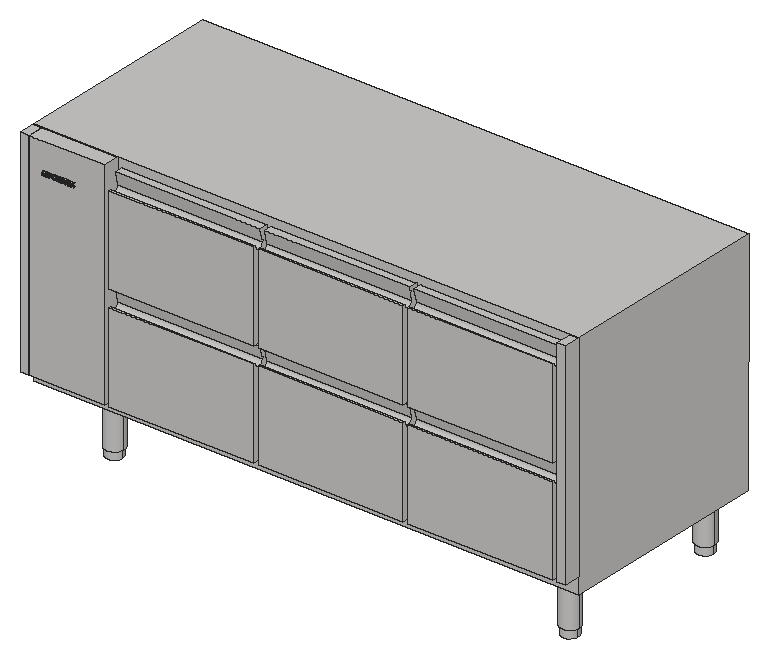
Revit family "QF_ALPENINOX_712837_AHR3RL", category Attrezzature speciali, Revit 2018
Family settings
  Quota connettore circolare = Usa diametro
  Tipo di parte = Normale
  Basato su piano di lavoro = No
  Sempre verticale = Sì
  Taglio con vuoti quando caricato = No
  Condiviso = No
  Punto di calcolo locali = No
Parameters (values of type "Standard")
  Weight = 111.00 kg
  Watts = 30 W
  Volts = 220 V
  URL Manufacturer = "http://www.alpeninox.com"
  URL = "http://www.alpeninox.com"
  Steam Supply Size = 0 mm
  Steam Supply Minimum Pressure = 0.0 Pa
  Steam Supply Maximum Pressure = 0.0 Pa
  Steam Consumption per Hour = 0
  Refrigeration Suction Line Size = 9.5 mm
  Refrigeration Liquid Line Size = 8 mm
  Refrigerant Compressor Remote = yes
  Produttore = "Alpeninox"
  Phase = 1
  Modello = "AHR3RL"
  Length Actual = 1657 mm  # constant formula
  Item Number = "712837"
  Hot Water Size = 0 mm
  Height Actual = 850 mm  # constant formula
  HP = "0 HP"
  Gas Size = 0 mm
  Gas KW = 0
  Gas Input Pressure = 0 W
  Direct Waste Size = 0 mm
  Descrizione = "REFR.COUNTER 440L 6x1/2DRW NOTOP REM CU_LFT GALV"
  Depth Actual = 700 mm  # constant formula
  Cycle = 50 Hz
  Condensate Return Size = 0 mm
  Compressed Air Volume = 0.0 L/s
  Compressed Air Size = 0 mm
  Compressed Air Pressure = 0.0 Pa
  Cold Water Size = 0 mm
  Accessory = yes
Types (2, lengths in mm): name | URL | Refrigeration Suction Line Size | Refrigeration Liquid Line Size | Produttore | Phase | Modello | Descrizione
  (no name) | 0 | 0 | 0 | 0 | 0 | 0 | 0
  Standard | "http://www.alpeninox.com" | 9.5 | 8 | "Alpeninox" | 1 | "AHR3RL" | "REFR.COUNTER 440L 6x1/2DRW NOTOP REM CU_LFT GALV"
Values of the unnamed type that differ from the named types
  Weight = 0.00 kg
  Watts = 0 W
  Volts = 0 V
  URL Manufacturer = ""
  Item Number = ""
  HP = ""
  Cycle = 0 Hz
Reference planes
  plane 1: z = 0
  plane 2 "Center (Left/Right)": x = -124.5
  plane 3 "Center (Front/Back)": y = 64.5
  plane 4 "FEET": z = 150
  plane 5 "TOP": z = 900
  plane 6 "PLAIN": z = 850
  plane 7 "EI_back": y = -116
  plane 8 "EI_left": x = -825
  plane 9 "BACK": y = 412
  plane 10 "FRONT": y = -283
  plane 11 "DOOR": y = -233
  plane 12 "LEFT": x = -953
  plane 13 "RIGHT": x = 704
  plane 14: x = -928
  plane 15: x = 679
  plane 16 "RO_left": x = -872
  plane 17 "RI_left": x = -847
  plane 18 "RO_back": y = 39
  plane 19 "RI_back": y = 39
  plane 20 "DRAINleft": x = -887
  plane 21 "DRAINback": y = 164
Forms (mm)
  Extrusion 1, solid, material "QF_Finishes_Stainless Steel"
    sketch origin (-1022.223, -1524, 150) x (-1, 0, 0) y (0, -1, 0)
      loop
        circle (-197.223, -1408) r 5
    from 0 to -40
  Extrusion 2, solid, material "QF_Finishes_Stainless Steel"
    sketch origin (-1022.223, -1524, 150) x (-1, 0, 0) y (0, -1, 0)
      loop
        line (-1701.223, -1291) -> (-1701.223, -1241) -> (-1726.223, -1241) -> (-1726.223, -1291) -> (-1701.223, -1291)
    from 48 to 700
  Extrusion 3, solid, material "QF_Finishes_Stainless Steel"
    sketch origin (-1022.223, -1524, 150) x (-1, 0, 0) y (0, -1, 0)
      loop
        circle (-150.223, -1563) r 4.25
    from 0 to -20
  Extrusion 4, solid, material "QF_Finishes_Stainless Steel"
    sketch origin (-1022.223, -1524, 150) x (-1, 0, 0) y (0, -1, 0)
      loop
        circle (-175.223, -1563) r 4
    from 0 to -20
  Extrusion 5, solid, material "QF_Finishes_Stainless Steel"
    sketch origin (-1022.223, -1524, 150) x (-1, 0, 0) y (0, -1, 0)
      loop
        circle (-135.223, -1688) r 8.5
    from 0 to -40
  Extrusion 6, solid, material "QF_Finishes_Stainless Steel"
    sketch origin (-1022.223, -1524, 150) x (-1, 0, 0) y (0, -1, 0)
      loop
        line (-69.223, -1936) -> (-69.223, -1291) -> (-1726.223, -1291) -> (-1726.223, -1936) -> (-69.223, -1936)
    from 0 to 700
  Extrusion 7, solid, material "QF_Finishes_Stainless Steel"
    sketch origin (773.223, -1524, 150) x (1, 0, 0) y (0, 1, 0)
      loop
        line (-1701.223, 1291) -> (-1726.223, 1291) -> (-1726.223, 1241) -> (-1701.223, 1241) -> (-1701.223, 1291)
    from 48 to 700
Lines and regions (mm)
  symbolic lines, style "SpecialityEquipmentHiddenLines"
    curve 1: line (-953, 412, 150) -> (704, 412, 150)
    curve 2: line (-953, -283, 150) -> (-953, 412, 150)
    curve 3: line (704, -283, 150) -> (-953, -283, 150)
    curve 4: line (704, 412, 150) -> (704, -283, 150)
    curve 5: line (-953, -233, 150) -> (704, -233, 150)
    curve 6: line (679, -233, 150) -> (679, -283, 150)
    curve 7: line (-928, -233, 150) -> (-928, -283, 150)
Dimensions and locks
  plane 4 "FEET" to level = 150 mm
  plane 11 "DOOR" to plane 10 "FRONT" = 50 mm
  plane 6 "PLAIN" to plane 4 "FEET" = 700 mm
  plane 5 "TOP" to plane 6 "PLAIN" = 50 mm
  plane 12 "LEFT" to plane 14 = 25 mm
  plane 15 to plane 13 "RIGHT" = 25 mm
  plane 9 "BACK" to plane 18 "RO_back" = 373 mm
  plane 9 "BACK" to plane 7 "EI_back" = 528 mm
  plane 9 "BACK" to plane 19 "RI_back" = 373 mm
  plane 9 "BACK" to plane 21 "DRAINback" = 248 mm
  plane 12 "LEFT" to plane 20 "DRAINleft" = 66 mm
  plane 12 "LEFT" to plane 8 "EI_left" = 128 mm
  plane 12 "LEFT" to plane 17 "RI_left" = 106 mm
  plane 12 "LEFT" to plane 16 "RO_left" = 81 mm
  plane 9 "BACK" to plane 10 "FRONT" = 695 mm
  equal spacing: plane 9 "BACK", plane 3 "Center (Front/Back)", plane 10 "FRONT"
  plane 12 "LEFT" to plane 13 "RIGHT" = 1657 mm
  equal spacing: plane 12 "LEFT", plane 2 "Center (Left/Right)", plane 13 "RIGHT"
  aligned and locked: level to plane 1
Automatic sketch dimensions
  Extrusion 1 sketch curve to plane 7 "EI_back" = 0 mm
  Extrusion 1 sketch curve to plane 8 "EI_left" = 0 mm
  Extrusion 2 sketch curve to plane 11 "DOOR" = 0 mm
  Extrusion 2 sketch curve to plane 13 "RIGHT" = 0 mm
  Extrusion 2 sketch curve to plane 10 "FRONT" = 0 mm
  Extrusion 2 sketch curve to plane 15 = 0 mm
  Extrusion 3 sketch curve to plane 16 "RO_left" = 0 mm
  Extrusion 3 sketch curve to plane 18 "RO_back" = 0 mm
  Extrusion 5 sketch curve to plane 20 "DRAINleft" = 0 mm
  Extrusion 5 sketch curve to plane 21 "DRAINback" = 0 mm
  Extrusion 6 sketch curve to plane 9 "BACK" = 0 mm
  Extrusion 6 sketch curve to plane 13 "RIGHT" = 0 mm
  Extrusion 6 sketch curve to plane 11 "DOOR" = 0 mm
  Extrusion 6 sketch curve to plane 12 "LEFT" = 0 mm
  curve 4 to plane 10 "FRONT" = 0 mm
  curve 4 to plane 13 "RIGHT" = 0 mm
  curve 6 to plane 11 "DOOR" = 0 mm
  curve 6 to plane 15 = 0 mm
  curve 7 to plane 14 = 0 mm
  curve 3 to plane 12 "LEFT" = 0 mm
  curve 1 to plane 9 "BACK" = 0 mm
  Extrusion 7 sketch curve to plane 11 "DOOR" = 0 mm
  Extrusion 7 sketch curve to plane 12 "LEFT" = 0 mm
  Extrusion 7 sketch curve to plane 10 "FRONT" = 0 mm
  Extrusion 7 sketch curve to plane 14 = 0 mm
  Extrusion 4 sketch curve to plane 17 "RI_left" = 0 mm
  Extrusion 4 sketch curve to plane 19 "RI_back" = 0 mm
  radius of Extrusion 1 sketch curve = 5 mm
  radius of Extrusion 3 sketch curve = 4.25 mm
  radius of Extrusion 5 sketch curve = 8.5 mm
  radius of Extrusion 4 sketch curve = 4 mm
Nested families
  nested 1: "HPP_Refrigerator" at (704, -283, 0), type "HPP_Refrigerator"
  nested 2: "HPP_FEET" at (-746, 331, 0), type "HPP_FEET"
  nested 3: "HPP_FEET" at (638, 331, 0), type "HPP_FEET"
  nested 4: "HPP_FEET" at (-746, -183, 0), type "HPP_FEET"
  nested 5: "HPP_FEET" at (638, -183, 0), type "HPP_FEET"
  nested 6: "HPP_APX_REM_TN_L" at (-733.58, -233, 598) x (1, 0, 0) z (0, -1, 0), type "HPP_APX_REM_TN_L"
    with Show Logo yes
  nested 7: "HPP_APX_HALF" at (-463, -233, 512) x (1, 0, 0) z (0, -1, 0), type "HPP_APX_HALF"
    with Show Clearance yes
  nested 8: "HPP_APX_HALF" at (-9, -233, 512) x (1, 0, 0) z (0, -1, 0), type "HPP_APX_HALF"
    with Show Clearance yes
  nested 9: "HPP_APX_HALF" at (445, -233, 512) x (1, 0, 0) z (0, -1, 0), type "HPP_APX_HALF"
    with Show Clearance yes
Connectors
  electrical at (-825, -116, 110), driven by "Volts"
    settings: on Extrusion 1, index 1, voltage 220 V, apparent load 0 VA, apparent load phase1 0 VA, apparent load phase2 0 VA, apparent load phase3 0 VA, power factor 1, load classification "Other", number of poles 1, system type 31, power factor state 1, is connector primary yes, connector utility no, sub classification motor no, connector description "Electrical Connection"
  piping at (-872, 39, 130), diameter 9.5, driven by "Refrigeration Suction Line Size"
    settings: on Extrusion 3, index 3, connector inside diameter 609.6 mm, connector length 0 mm, flow factor 0, pipe flow 0.0 L/s, pressure drop 0.0 Pa, fitting loss kfactor 0, connector angle 0.00°, fixture units 0, engagement length 0 mm, angle of deflection 0.00°, flow configuration 1, flow direction 2, fitting loss method 0, system type 8, joint type 0, gender type 0, connector reference index -1, connector utility 0, adjustable connector no, is connector primary yes, connector description "Refrigerant Outlet"
  piping at (-847, 39, 130), diameter 8, driven by "Refrigeration Liquid Line Size"
    settings: on Extrusion 4, index 4, connector inside diameter 609.6 mm, connector length 0 mm, flow factor 0, pipe flow 0.0 L/s, pressure drop 0.0 Pa, fitting loss kfactor 0, connector angle 0.00°, fixture units 0, engagement length 0 mm, angle of deflection 0.00°, flow configuration 1, flow direction 1, fitting loss method 0, system type 7, joint type 0, gender type 0, connector reference index -1, connector utility 0, adjustable connector no, is connector primary no, connector description "Refrigerant Inlet"
  piping at (-887, 164, 110), diameter 17
    settings: on Extrusion 5, index 5, connector inside diameter 609.6 mm, connector length 0 mm, flow factor 0, pipe flow 0.0 L/s, pressure drop 0.0 Pa, fitting loss kfactor 0, connector angle 0.00°, fixture units 0, engagement length 0 mm, angle of deflection 0.00°, flow configuration 1, flow direction 2, fitting loss method 0, system type 16, joint type 0, gender type 0, connector reference index -1, connector utility 0, adjustable connector no, is connector primary no, connector description "Drain"
Definition of nested family "HPP_FEET"
  Parameters
    FEET = 150 mm
  Reference planes
    plane 1 "Center (Front/Back)": y = 0
    plane 2: z = 0
    plane 3 "Center (Left/Right)": x = 0
    plane 4: z = 150
  Forms (mm)
    Revolve 1, solid
      sketch origin (255.05, 0, 608.09) x (0, 0, 1) y (-1, 0, 0)
        loop
          line (-608.09, 255.05) -> (-608.09, 230.05) -> (-583.09, 230.05) -> (-583.09, 226.05) -> (-458.09, 226.05) -> (-458.09, 255.05) -> (-608.09, 255.05)
        axis (-608.09, 255.05) -> (-458.09, 255.05)
      angle from 0 to 360
  Dimensions and locks
    locked: Revolve 1 sketch curve to Revolve 1 sketch curve at 125
    "FEET": plane 4 to plane 2
    aligned and locked: level to plane 2
    aligned and locked: plane 4 to Revolve 1 sketch curve
    aligned and locked: Revolve 1 sketch curve to level
    aligned and locked: plane 3 "Center (Left/Right)" to Revolve 1 sketch curve
  Automatic sketch dimensions
    Revolve 1 sketch curve to plane 3 "Center (Left/Right)" = 0 mm
    Revolve 1 sketch curve to Revolve 1 sketch curve = 25 mm
    Revolve 1 sketch curve to Revolve 1 sketch curve = 29 mm
    plane 4 to Revolve 1 sketch curve = 50 mm
    Revolve 1 sketch curve to Revolve 1 sketch curve = 20 mm
Definition of nested family "HPP_APX_REM_TN_L"
  Parameters
    Show Logo [instance] = yes
    Default Elevation = 1219.2 mm
  Reference planes
    plane 1 "Center (Front/Back)": y = -74
    plane 2: z = 0
    plane 3 "Center (Left/Right)": x = -78.92
    plane 4: x = -194.42
    plane 5: x = 36.58
    plane 6: y = 252
    plane 7: y = -400
  Forms (mm)
    Extrusion 1, solid
      sketch origin (0, 0, 0) x (1, 0, 0) y (0, 1, 0)
        loop
          line (-1219.2, 1219.2) -> (-1219.2, -1219.2) -> (1219.2, -1219.2) -> (1219.2, 1219.2) -> (-1219.2, 1219.2)
      from 0 to -304.8
    Extrusion 2, solid
      sketch origin (0, 0, 0) x (1, 0, 0) y (0, 1, 0)
        loop
          line (-194.42, 252) -> (-194.42, -400) -> (36.58, -400) -> (36.58, 252) -> (-194.42, 252)
      from 0 to 50
    Extrusion 3, solid
      sketch origin (18.272, 0.892, 0) x (1, 0, 0) y (0, 1, 0)
        loop
          line (-168.675, 170.349) -> (-172.411, 160.318)
          arc (-172.411, 160.318) -> (-171.624, 158.497) -> (-169.837, 159.36) r 1.374
          line (-169.837, 159.36) -> (-169.268, 161.111) -> (-164.1, 161.111) -> (-163.54, 159.379)
          arc (-163.54, 159.379) -> (-161.802, 158.542) -> (-161.049, 160.318) r 1.333
          line (-161.049, 160.318) -> (-164.694, 170.349)
          arc (-164.694, 170.349) -> (-166.685, 171.876) -> (-168.675, 170.349) r 2.06
        loop
          line (-166.681, 169.055) -> (-168.469, 163.655) -> (-164.935, 163.655) -> (-166.681, 169.055)
        loop
          arc (-159.705, 160.042) -> (-159.262, 158.973) -> (-158.194, 158.531) r 1.512
          line (-158.194, 158.531) -> (-153.608, 158.531)
          arc (-153.608, 158.531) -> (-152.337, 159.802) -> (-153.608, 161.074) r 1.272
          line (-153.608, 161.074) -> (-156.917, 161.074) -> (-156.917, 170.328)
          arc (-156.917, 170.328) -> (-158.311, 171.722) -> (-159.705, 170.328) r 1.394
          line (-159.705, 170.328) -> (-159.705, 160.042)
        loop
          line (-151.076, 170.218) -> (-151.076, 159.859)
          arc (-151.076, 159.859) -> (-149.683, 158.466) -> (-148.29, 159.859) r 1.393
          line (-148.29, 159.859) -> (-148.29, 162.882) -> (-146.225, 162.882)
          arc (-146.225, 162.882) -> (-142.999, 163.859) -> (-141.608, 166.928) r 4.082
          arc (-141.608, 166.928) -> (-142.993, 170.272) -> (-146.336, 171.657) r 4.728
          line (-146.336, 171.657) -> (-149.638, 171.657)
          arc (-149.638, 171.657) -> (-150.655, 171.235) -> (-151.076, 170.218) r 1.439
        loop
          line (-148.29, 165.313) -> (-146.388, 165.313)
          arc (-146.388, 165.313) -> (-144.433, 167.268) -> (-146.388, 169.222) r 1.955
          line (-146.388, 169.222) -> (-148.29, 169.222) -> (-148.29, 165.313)
        loop
          arc (-131.184, 166.332) -> (-132.004, 168.2) -> (-133.767, 169.228) r 3.3
          arc (-133.767, 169.228) -> (-136.353, 168.661) -> (-137.611, 166.332) r 3.176
          line (-137.611, 166.332) -> (-131.184, 166.332)
        loop
          line (-137.538, 163.743) -> (-130.544, 163.743)
          arc (-130.544, 163.743) -> (-129.292, 163.916) -> (-128.301, 164.701) r 2.4
          arc (-128.301, 164.701) -> (-128.155, 165.545) -> (-128.212, 166.399) r 3.635
          arc (-128.212, 166.399) -> (-130.364, 170.162) -> (-134.39, 171.769) r 6.579
          arc (-134.39, 171.769) -> (-138.918, 169.706) -> (-140.661, 165.044) r 6.501
          arc (-140.661, 165.044) -> (-139.276, 160.789) -> (-135.401, 158.549) r 6.252
          arc (-135.401, 158.549) -> (-132.922, 158.526) -> (-130.544, 159.232) r 8.361
          arc (-130.544, 159.232) -> (-129.466, 159.781) -> (-128.641, 160.666) r 3.486
          arc (-128.641, 160.666) -> (-128.419, 161.592) -> (-128.828, 162.451) r 1.425
          arc (-128.828, 162.451) -> (-129.368, 162.762) -> (-129.99, 162.762) r 1.203
          arc (-129.99, 162.762) -> (-130.406, 162.59) -> (-130.764, 162.316) r 1.724
          arc (-130.764, 162.316) -> (-131.666, 161.705) -> (-132.646, 161.229) r 7.6
          arc (-132.646, 161.229) -> (-135.676, 161.35) -> (-137.538, 163.743) r 3.6
        loop
          line (-126.669, 170.328) -> (-126.669, 159.859)
          arc (-126.669, 159.859) -> (-125.273, 158.463) -> (-123.878, 159.859) r 1.396
          line (-123.878, 159.859) -> (-123.878, 166.785) -> (-117.946, 159.029)
          arc (-117.946, 159.029) -> (-116.361, 158.51) -> (-115.379, 159.859) r 1.417
          line (-115.379, 159.859) -> (-115.379, 170.328)
          arc (-115.379, 170.328) -> (-116.774, 171.723) -> (-118.169, 170.328) r 1.395
          line (-118.169, 170.328) -> (-118.169, 163.311) -> (-124.101, 171.157)
          arc (-124.101, 171.157) -> (-125.687, 171.678) -> (-126.669, 170.328) r 1.418
        loop
          arc (-113.636, 159.859) -> (-112.241, 158.464) -> (-110.847, 159.859) r 1.394
          line (-110.847, 159.859) -> (-110.847, 170.328)
          arc (-110.847, 170.328) -> (-112.241, 171.723) -> (-113.636, 170.328) r 1.394
          line (-113.636, 170.328) -> (-113.636, 159.859)
        loop
          line (-109.102, 170.328) -> (-109.102, 159.859)
          arc (-109.102, 159.859) -> (-107.706, 158.463) -> (-106.31, 159.859) r 1.396
          line (-106.31, 159.859) -> (-106.31, 166.785) -> (-100.378, 159.029)
          arc (-100.378, 159.029) -> (-98.793, 158.51) -> (-97.812, 159.859) r 1.417
          line (-97.812, 159.859) -> (-97.812, 170.328)
          arc (-97.812, 170.328) -> (-99.207, 171.723) -> (-100.602, 170.328) r 1.395
          line (-100.602, 170.328) -> (-100.602, 163.311) -> (-106.533, 171.157)
          arc (-106.533, 171.157) -> (-108.119, 171.678) -> (-109.102, 170.328) r 1.418
        loop
          arc (-96.345, 165.093) -> (-95.619, 161.877) -> (-93.467, 159.379) r 6.806
          arc (-93.467, 159.379) -> (-91.792, 158.566) -> (-89.948, 158.31) r 5.956
          arc (-89.948, 158.31) -> (-88.104, 158.566) -> (-86.43, 159.379) r 5.956
          arc (-86.43, 159.379) -> (-84.277, 161.877) -> (-83.551, 165.093) r 6.806
          arc (-83.551, 165.093) -> (-84.277, 168.31) -> (-86.43, 170.808) r 6.806
          arc (-86.43, 170.808) -> (-88.104, 171.621) -> (-89.948, 171.877) r 5.956
          arc (-89.948, 171.877) -> (-91.792, 171.621) -> (-93.467, 170.808) r 5.956
          arc (-93.467, 170.808) -> (-95.619, 168.31) -> (-96.345, 165.093) r 6.806
        loop
          arc (-93.425, 165.093) -> (-93.138, 163.212) -> (-92.081, 161.629) r 4.387
          arc (-92.081, 161.629) -> (-91.087, 161.049) -> (-89.948, 160.881) r 3.035
          arc (-89.948, 160.881) -> (-88.809, 161.049) -> (-87.815, 161.629) r 3.035
          arc (-87.815, 161.629) -> (-86.759, 163.212) -> (-86.472, 165.093) r 4.387
          arc (-86.472, 165.093) -> (-86.759, 166.975) -> (-87.815, 168.558) r 4.387
          arc (-87.815, 168.558) -> (-88.809, 169.138) -> (-89.948, 169.306) r 3.035
          arc (-89.948, 169.306) -> (-91.087, 169.138) -> (-92.081, 168.558) r 3.035
          arc (-92.081, 168.558) -> (-93.138, 166.975) -> (-93.425, 165.093) r 4.387
        loop
          line (-82.843, 169.609) -> (-79.829, 165.552) -> (-83.513, 160.652)
          arc (-83.513, 160.652) -> (-83.216, 158.692) -> (-81.262, 159.029) r 1.388
          line (-81.262, 159.029) -> (-78.213, 163.232) -> (-75.164, 159.029)
          arc (-75.164, 159.029) -> (-73.211, 158.692) -> (-72.913, 160.652) r 1.388
          line (-72.913, 160.652) -> (-76.597, 165.552) -> (-73.584, 169.609)
          arc (-73.584, 169.609) -> (-73.952, 171.597) -> (-75.908, 171.084) r 1.38
          line (-75.908, 171.084) -> (-78.213, 167.841) -> (-80.519, 171.084)
          arc (-80.519, 171.084) -> (-82.474, 171.597) -> (-82.843, 169.609) r 1.38
      from 50 to 51.6
  Lines and regions (mm)
    Split face 1
      outline origin (0, 0, 50) x (1, 0, 0) y (0, 1, 0)
        loop
          line (36.58, 183) -> (-147.92, 183)
          arc (-147.92, 183) -> (-165.42, 165.5) -> (-147.92, 148) r 17.5
          line (-147.92, 148) -> (36.58, 148)
    Split face 2
      outline origin (12.5, 0, 50) x (1, 0, 0) y (0, 1, 0)
        loop
          line (-55.92, 177) -> (-55.92, 154) -> (14.08, 154) -> (14.08, 177) -> (-55.92, 177)
    Split face 3
      outline origin (12.5, 0, 50) x (1, 0, 0) y (0, 1, 0)
        loop
          line (-5.92, 174) -> (-5.92, 157) -> (11.08, 157) -> (11.08, 174) -> (-5.92, 174)
    Split face 4
      outline origin (0, 0, 50) x (1, 0, 0) y (0, 1, 0)
        loop
          line (-194.42, 188) -> (36.58, 188)
        loop
          line (-194.42, 143) -> (36.58, 143)
    symbolic lines
      curve 1: line (36.58, -74, 50) -> (36.58, -74, 0)
  Dimensions and locks
    equal spacing: plane 6, plane 1 "Center (Front/Back)", plane 7
    plane 4 to plane 5 = 231 mm
    equal spacing: plane 4, plane 3 "Center (Left/Right)", plane 5
    plane 6 to plane 7 = 652 mm
    aligned and locked: plane 2 to Extrusion 1
    aligned and locked: level to Extrusion 1
  Automatic sketch dimensions
    Extrusion 1 sketch curve to Extrusion 1 sketch curve = 2438.4 mm  (x2)
    Extrusion 2 sketch curve to plane 4 = 0 mm
    Extrusion 2 sketch curve to plane 5 = 0 mm
    Extrusion 2 sketch curve to plane 7 = 0 mm
    Extrusion 2 sketch curve to plane 6 = 0 mm
    Split face 1 sketch curve to Extrusion 2 = 0 mm  (x2)
    Split face 1 sketch curve to Extrusion 2 = 46.5 mm
    Split face 1 sketch curve to Extrusion 2 = 86.5 mm
    Split face 1 sketch curve to Split face 1 sketch curve = 17.5 mm
    Split face 2 sketch curve to Extrusion 2 = 80 mm
    Split face 2 sketch curve to Extrusion 2 = 10 mm
    Split face 2 sketch curve to Extrusion 2 = 98 mm
    Split face 2 sketch curve to Split face 2 sketch curve = 23 mm
    Split face 3 sketch curve to Extrusion 2 = 30 mm
    Split face 3 sketch curve to Split face 3 sketch curve = 17 mm  (x2)
    Split face 3 sketch curve to Extrusion 2 = 95 mm
    curve 1 to level = 0 mm
    curve 1 to plane 5 = 0 mm
    curve 1 to curve 1 = 50 mm
    plane 4 to Extrusion 3 sketch curve = 40.282 mm
    Extrusion 3 sketch curve to Extrusion 3 sketch curve = 1.266 mm
    Extrusion 3 sketch curve to Extrusion 3 sketch curve = 1.307 mm
    Extrusion 3 sketch curve to Extrusion 3 sketch curve = 0.57 mm
    Extrusion 3 sketch curve to Extrusion 3 sketch curve = 0.593 mm
    Extrusion 3 sketch curve to Extrusion 3 sketch curve = 0.799 mm
    Extrusion 3 sketch curve to Extrusion 3 sketch curve = 1.99 mm  (x2)
    Extrusion 3 sketch curve to Extrusion 3 sketch curve = 0.003 mm
    Extrusion 3 sketch curve to Extrusion 3 sketch curve = 3.534 mm
    Extrusion 3 sketch curve to Extrusion 3 sketch curve = 0.835 mm
    Extrusion 3 sketch curve to Extrusion 3 sketch curve = 0.56 mm
    Extrusion 3 sketch curve to Extrusion 3 sketch curve = 1.268 mm
    Extrusion 3 sketch curve to Extrusion 3 sketch curve = 1.223 mm
    Extrusion 3 sketch curve to Extrusion 3 sketch curve = 1.344 mm
    Extrusion 3 sketch curve to Extrusion 3 sketch curve = 1.394 mm  (x2)
    Extrusion 3 sketch curve to Extrusion 3 sketch curve = 1.512 mm
    Extrusion 3 sketch curve to Extrusion 3 sketch curve = 3.309 mm
    Extrusion 3 sketch curve to Extrusion 3 sketch curve = 5.841 mm
    Extrusion 3 sketch curve to Extrusion 3 sketch curve = 1.393 mm
    Extrusion 3 sketch curve to Extrusion 3 sketch curve = 1.439 mm
    Extrusion 3 sketch curve to Extrusion 3 sketch curve = 0 mm  (x18)
    Extrusion 3 sketch curve to Extrusion 3 sketch curve = 1.902 mm
    Extrusion 3 sketch curve to Extrusion 3 sketch curve = 0.052 mm
    Extrusion 3 sketch curve to Extrusion 3 sketch curve = 2.065 mm
    Extrusion 3 sketch curve to Extrusion 3 sketch curve = 0.647 mm
    Extrusion 3 sketch curve to Extrusion 3 sketch curve = 8.079 mm
    Extrusion 3 sketch curve to Extrusion 3 sketch curve = 0.073 mm
    Extrusion 3 sketch curve to Extrusion 3 sketch curve = 2.145 mm
    Extrusion 3 sketch curve to Extrusion 3 sketch curve = 2.931 mm
    Extrusion 3 sketch curve to Extrusion 3 sketch curve = 0.213 mm
    Extrusion 3 sketch curve to Extrusion 3 sketch curve = 0.026 mm
    Extrusion 3 sketch curve to Extrusion 3 sketch curve = 0.263 mm
    Extrusion 3 sketch curve to Extrusion 3 sketch curve = 0.516 mm
    Extrusion 3 sketch curve to Extrusion 3 sketch curve = 0.356 mm
    Extrusion 3 sketch curve to Extrusion 3 sketch curve = 0.387 mm
    Extrusion 3 sketch curve to Extrusion 3 sketch curve = 2.378 mm
    Extrusion 3 sketch curve to Extrusion 3 sketch curve = 2.466 mm
    Extrusion 3 sketch curve to Extrusion 3 sketch curve = 0.602 mm
    Extrusion 3 sketch curve to Extrusion 3 sketch curve = 1.02 mm
    Extrusion 3 sketch curve to Extrusion 3 sketch curve = 0.949 mm
    Extrusion 3 sketch curve to Extrusion 3 sketch curve = 1.728 mm
    Extrusion 3 sketch curve to Extrusion 3 sketch curve = 0.157 mm  (x2)
    Extrusion 3 sketch curve to Extrusion 3 sketch curve = 0.292 mm
    Extrusion 3 sketch curve to Extrusion 3 sketch curve = 3.565 mm
    Extrusion 3 sketch curve to Extrusion 3 sketch curve = 1.396 mm  (x2)
    Extrusion 3 sketch curve to Extrusion 3 sketch curve = 1.418 mm  (x2)
    Extrusion 3 sketch curve to Extrusion 3 sketch curve = 1.151 mm  (x2)
    Extrusion 3 sketch curve to Extrusion 3 sketch curve = 5.709 mm  (x2)
    Extrusion 3 sketch curve to Extrusion 3 sketch curve = 0.224 mm  (x2)
    Extrusion 3 sketch curve to Extrusion 3 sketch curve = 1.149 mm  (x2)
    Extrusion 3 sketch curve to Extrusion 3 sketch curve = 1.395 mm  (x2)
    Extrusion 3 sketch curve to Extrusion 3 sketch curve = 1.744 mm
    Extrusion 3 sketch curve to Extrusion 3 sketch curve = 1.745 mm
    plane 3 "Center (Left/Right)" to Extrusion 3 sketch curve = 6.343 mm
    Extrusion 3 sketch curve to Extrusion 3 sketch curve = 0.493 mm  (x3)
    Extrusion 3 sketch curve to Extrusion 3 sketch curve = 0.273 mm  (x2)
    Extrusion 3 sketch curve to Extrusion 3 sketch curve = 0.021 mm  (x2)
    Extrusion 3 sketch curve to Extrusion 3 sketch curve = 0.226 mm  (x2)
    Extrusion 3 sketch curve to Extrusion 3 sketch curve = 0.268 mm  (x2)
    Extrusion 3 sketch curve to Extrusion 3 sketch curve = 0.294 mm
    Extrusion 3 sketch curve to Extrusion 3 sketch curve = 5.534 mm
    Extrusion 3 sketch curve to Extrusion 3 sketch curve = 6.205 mm
    Extrusion 3 sketch curve to Extrusion 3 sketch curve = 1.109 mm  (x2)
    Extrusion 3 sketch curve to Extrusion 3 sketch curve = 1.108 mm  (x2)
    Extrusion 3 sketch curve to Extrusion 3 sketch curve = 1.142 mm  (x2)
    Extrusion 3 sketch curve to Extrusion 3 sketch curve = 1.216 mm  (x2)
    Extrusion 3 sketch curve to Extrusion 3 sketch curve = 3.013 mm
    Extrusion 3 sketch curve to Extrusion 3 sketch curve = 1.616 mm  (x3)
    Extrusion 3 sketch curve to Extrusion 3 sketch curve = 2.305 mm
    Extrusion 3 sketch curve to Extrusion 3 sketch curve = 3.049 mm
    Extrusion 3 sketch curve to plane 6 = 92.577 mm
    Extrusion 3 sketch curve to Extrusion 3 sketch curve = 0.498 mm
    Extrusion 3 sketch curve to Extrusion 3 sketch curve = 0.682 mm
    Extrusion 3 sketch curve to Extrusion 3 sketch curve = 0.664 mm
    Extrusion 3 sketch curve to Extrusion 3 sketch curve = 0.425 mm
    Extrusion 3 sketch curve to Extrusion 3 sketch curve = 0.41 mm
    Extrusion 3 sketch curve to Extrusion 3 sketch curve = 1.272 mm
    Extrusion 3 sketch curve to Extrusion 3 sketch curve = 0.789 mm  (x2)
    Extrusion 3 sketch curve to Extrusion 3 sketch curve = 0.056 mm
    Extrusion 3 sketch curve to Extrusion 3 sketch curve = 0.83 mm
    Extrusion 3 sketch curve to Extrusion 3 sketch curve = 1.238 mm
    Extrusion 3 sketch curve to Extrusion 3 sketch curve = 1.732 mm
    Extrusion 3 sketch curve to Extrusion 3 sketch curve = 0.346 mm
    Extrusion 3 sketch curve to Extrusion 3 sketch curve = 1.123 mm
    Extrusion 3 sketch curve to Extrusion 3 sketch curve = 3.023 mm
    Extrusion 3 sketch curve to Extrusion 3 sketch curve = 4.203 mm
    Extrusion 3 sketch curve to Extrusion 3 sketch curve = 3.452 mm  (x2)
    Extrusion 3 sketch curve to Extrusion 3 sketch curve = 2.544 mm
    Extrusion 3 sketch curve to Extrusion 3 sketch curve = 1.177 mm
    Extrusion 3 sketch curve to Extrusion 3 sketch curve = 3.261 mm
    Extrusion 3 sketch curve to Extrusion 3 sketch curve = 0.352 mm  (x2)
    Extrusion 3 sketch curve to Extrusion 3 sketch curve = 1.987 mm
    Extrusion 3 sketch curve to Extrusion 3 sketch curve = 0.171 mm
    Extrusion 3 sketch curve to Extrusion 3 sketch curve = 0.533 mm  (x3)
    Extrusion 3 sketch curve to Extrusion 3 sketch curve = 0.14 mm  (x4)
    Extrusion 3 sketch curve to Extrusion 3 sketch curve = 0.473 mm
    Extrusion 3 sketch curve to Extrusion 3 sketch curve = 0.31 mm  (x2)
    Extrusion 3 sketch curve to Extrusion 3 sketch curve = 0.075 mm
    Extrusion 3 sketch curve to Extrusion 3 sketch curve = 2.431 mm
    Extrusion 3 sketch curve to Extrusion 3 sketch curve = 2.32 mm  (x2)
    Extrusion 3 sketch curve to Extrusion 3 sketch curve = 1.992 mm
    Extrusion 3 sketch curve to Extrusion 3 sketch curve = 0.674 mm
    Extrusion 3 sketch curve to Extrusion 3 sketch curve = 0.732 mm
    Extrusion 3 sketch curve to Extrusion 3 sketch curve = 0.388 mm
    Extrusion 3 sketch curve to Extrusion 3 sketch curve = 0.121 mm
    Extrusion 3 sketch curve to Extrusion 3 sketch curve = 2.589 mm
    Extrusion 3 sketch curve to Extrusion 3 sketch curve = 0.662 mm
    Extrusion 3 sketch curve to Extrusion 3 sketch curve = 3.473 mm
    Extrusion 3 sketch curve to Extrusion 3 sketch curve = 0.681 mm
    Extrusion 3 sketch curve to Extrusion 3 sketch curve = 1.615 mm
    Extrusion 3 sketch curve to Extrusion 3 sketch curve = 0.34 mm
    Extrusion 3 sketch curve to Extrusion 3 sketch curve = 2.288 mm
    Extrusion 3 sketch curve to Extrusion 3 sketch curve = 0.942 mm
    Extrusion 3 sketch curve to Extrusion 3 sketch curve = 5.4 mm
    Extrusion 3 sketch curve to Extrusion 3 sketch curve = 1.768 mm  (x2)
    Extrusion 3 sketch curve to Extrusion 3 sketch curve = 0.761 mm
    Extrusion 3 sketch curve to Extrusion 3 sketch curve = 0.996 mm
    Extrusion 3 sketch curve to Extrusion 3 sketch curve = 3.543 mm  (x2)
    Extrusion 3 sketch curve to Extrusion 3 sketch curve = 7.017 mm
    Extrusion 3 sketch curve to Extrusion 3 sketch curve = 0.11 mm
    Extrusion 3 sketch curve to Extrusion 3 sketch curve = 0.823 mm  (x2)
    Extrusion 3 sketch curve to Extrusion 3 sketch curve = 0.947 mm
    Extrusion 3 sketch curve to Extrusion 3 sketch curve = 3.837 mm
    Extrusion 3 sketch curve to Extrusion 3 sketch curve = 0.623 mm
    Extrusion 3 sketch curve to Extrusion 3 sketch curve = 1.082 mm
    Extrusion 3 sketch curve to Extrusion 3 sketch curve = 0.801 mm
    Extrusion 3 sketch curve to Extrusion 3 sketch curve = 1 mm
    Extrusion 3 sketch curve to Extrusion 3 sketch curve = 0.089 mm
    plane 3 "Center (Left/Right)" to Extrusion 3 sketch curve = 0.847 mm
    plane 3 "Center (Left/Right)" to Extrusion 3 sketch curve = 3.726 mm  (x2)
    plane 3 "Center (Left/Right)" to Extrusion 3 sketch curve = 3.767 mm
    plane 3 "Center (Left/Right)" to Extrusion 3 sketch curve = 5.111 mm  (x2)
    plane 3 "Center (Left/Right)" to Extrusion 3 sketch curve = 7.244 mm  (x4)
    Extrusion 3 sketch curve to Extrusion 3 sketch curve = 2.133 mm  (x2)
    Extrusion 3 sketch curve to Extrusion 3 sketch curve = 1.385 mm  (x2)
    Extrusion 3 sketch curve to Extrusion 3 sketch curve = 5.603 mm
    Extrusion 3 sketch curve to Extrusion 3 sketch curve = 2.571 mm
    Split face 4 sketch curve to Extrusion 2 = 0 mm  (x4)
    Split face 4 sketch curve to Extrusion 2 = 109 mm
    Split face 4 sketch curve to Split face 4 sketch curve = 45 mm
Definition of nested family "HPP_APX_HALF"
  Parameters
    Show Clearance [instance] = yes
    Default Elevation = 1219.2 mm
  Reference planes
    plane 1 "Center (Front/Back)": y = 0
    plane 2: z = 0
    plane 3 "Center (Left/Right)": x = 0
    plane 4: x = -234
    plane 5: x = 234
    plane 6: z = 618
  Forms (mm)
    Extrusion 1, solid
      sketch origin (0, 0, 0) x (1, 0, 0) y (0, 1, 0)
        loop
          line (-1219.2, 1219.2) -> (-1219.2, -1219.2) -> (1219.2, -1219.2) -> (1219.2, 1219.2) -> (-1219.2, 1219.2)
      from 0 to -304.8
    Extrusion 2, solid
      sketch origin (0, 0, 0) x (0, 1, 0) y (0, 0, 1)
        loop
          line (314, 0) -> (314, 26) -> (274.395, 17)
          arc (274.395, 17) -> (260.395, 31) -> (274.395, 45) r 14
          line (274.395, 45) -> (274.395, 50) -> (5, 50) -> (5, 0) -> (314, 0)
        loop
          line (-5, 0) -> (-5, 26) -> (-44.605, 17)
          arc (-44.605, 17) -> (-58.605, 31) -> (-44.605, 45) r 14
          line (-44.605, 45) -> (-44.605, 50) -> (-314, 50) -> (-314, 0) -> (-5, 0)
      from -220 to 220
    Extrusion 3, solid, visible <- "Show Clearance", detail levels coarse
      sketch origin (0, 0, 512) x (0, 1, 0) y (0, 0, 1)
        loop
          line (-314, 106) -> (-314, -462) -> (-5, -462) -> (-5, 82) -> (-44.605, 73)
          arc (-44.605, 73) -> (-58.605, 87) -> (-44.605, 101) r 14
          line (-44.605, 101) -> (-44.605, 106) -> (-314, 106)
        loop
          line (314, -462) -> (314, 82) -> (274.395, 73)
          arc (274.395, 73) -> (260.395, 87) -> (274.395, 101) r 14
          line (274.395, 101) -> (274.395, 106) -> (5, 106) -> (5, -462) -> (314, -462)
      from -220 to 220
  Lines and regions (mm)
    symbolic lines
      curve 1: line (220, 0, 139.793) -> (-220, 0, 139.793)
      curve 2: line (220, 0, 174.793) -> (-220, 0, 174.793)
      curve 3: line (220, 0, 259.793) -> (-220, 0, 259.793)
      curve 4: line (220, 0, 294.793) -> (-220, 0, 294.793)
      curve 5: line (191.424, 0, 139.793) -> (191.424, 0, 54.793)
      curve 6: line (-190, 0, 139.793) -> (-190, 0, 54.793)
      curve 7: line (191.424, 0, 259.793) -> (191.424, 0, 174.793)
      curve 8: line (-190, 0, 259.793) -> (-190, 0, 174.793)
      curve 9: line (220, 0, 259.793) -> (220, 0, 294.793)
      curve 10: line (-220, 0, 259.793) -> (-220, 0, 294.793)
      curve 11: line (220, 0, 139.793) -> (220, 0, 174.793)
      curve 12: line (-220, 0, 139.793) -> (-220, 0, 174.793)
  Dimensions and locks
    plane 4 to plane 3 "Center (Left/Right)" to plane 5 = 234 mm locked, 234 mm locked
    plane 6 to level = 618 mm
    aligned and locked: plane 2 to Extrusion 1
    aligned and locked: level to Extrusion 1
Definition of nested family "HPP_Refrigerator"
  Reference planes
    plane 1 "Center (Front/Back)": y = 0
    plane 2: z = 0
    plane 3 "Center (Left/Right)": x = 0
  Lines and regions (mm)
    detail lines, in view "Ref. Level"
      curve 1: spline (-500, 190, 0) -> (-493.185, 166.706, 0) -> (-473.205, 145, 0) -> (-441.421, 126.36, 0) -> (-400, 112.058, 0) -> (-351.764, 103.067, 0) -> (-300, 100, 0) -> (-248.236, 103.067, 0) -> (-200, 112.058, 0) -> (-158.579, 126.36, 0) -> (-126.795, 145, 0) -> (-106.815, 166.706, 0) -> (-100, 190, 0) -> (-106.815, 213.294, 0) -> (-126.795, 235, 0) -> (-158.579, 253.64, 0) -> (-200, 267.942, 0) -> (-248.236, 276.933, 0) -> (-300, 280, 0) -> (-351.764, 276.933, 0) -> (-400, 267.942, 0) -> (-441.421, 253.64, 0) -> (-473.205, 235, 0) -> (-493.185, 213.294, 0) -> (-500, 190, 0)
      curve 2: line (-300, 130, 0) -> (-300, 250, 0)
      curve 3: line (-351.962, 220, 0) -> (-248.038, 160, 0)
      curve 4: line (-351.962, 160, 0) -> (-248.038, 220, 0)
      curve 5: line (-280.884, 246.873, 0) -> (-300, 225, 0)
      curve 6: line (-300, 225, 0) -> (-319.116, 246.873, 0)
      curve 7: line (-330.311, 207.5, 0) -> (-339.696, 234.992, 0)
      curve 8: line (-358.812, 201.882, 0) -> (-330.311, 207.5, 0)
      curve 9: line (-330.311, 172.5, 0) -> (-358.812, 178.118, 0)
      curve 10: line (-339.696, 145.008, 0) -> (-330.311, 172.5, 0)
      curve 11: line (-300, 155, 0) -> (-319.116, 133.127, 0)
      curve 12: line (-280.884, 133.127, 0) -> (-300, 155, 0)
      curve 13: line (-269.689, 172.5, 0) -> (-260.304, 145.008, 0)
      curve 14: line (-241.188, 178.118, 0) -> (-269.689, 172.5, 0)
      curve 15: line (-269.689, 207.5, 0) -> (-241.188, 201.882, 0)
      curve 16: line (-260.304, 234.992, 0) -> (-269.689, 207.5, 0)
